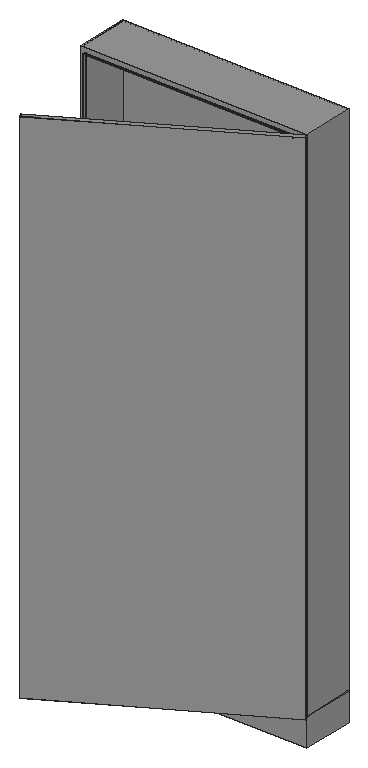
Revit family "Hager-Univers-IP54-D205-H1950-Cl.II-Encl-NoHosted-NL-en", category Equipement électrique, Revit 2020
Family settings
  Configuration du panneau = Deux colonnes, circuits au sein
  Cote de connecteur circulaire = Utiliser le diamètre
  Type d'élément = Tableau de raccordement
  Basée sur le plan de construction = Oui
  Toujours verticalement = Oui
  Couper avec des vides une fois chargée = Non
  Partagée = Non
  Point de calcul de pièce = Non
Parameters (values of type "Floor installation IP54 W800 H1950 D205  - FP23SW")
  Width Control [instance] = if([EF000008 - Width] > Min Width, [EF000008 - Width], Min Width)  # 800 mm
  Commentaires du type = [HG000003 - Range]  # "Univers"
  Thickness Door [instance] = if([EF009171 - Material plate thickness door/cover] > 3 mm, 3 mm, [EF009171 - Material plate thickness door/cover])  # 1 mm
  Seal Frame Offset [instance] = 17 mm  # constant formula
  Plinth Visibility [instance] = [HG000027 - Plinth height] > 0 mm  # yes
  Min Width [instance] = 100 mm  # constant formula
  Min Depth [instance] = (2 * [EF009170 - Material plate thickness cabinet]) + 1 mm  # 3 mm
  Min Height [instance] = 100 mm  # constant formula
  Internal Frame Depth [instance] = (Door System Depth * 0.5)  # 9 mm
  Panel Name [instance] = ""  # (empty or 0)
  Model = ""
  HG000027 - Plinth height = 100 mm
  HG000026 - Floor standing = yes
  HG000024 - Bottom section height = 600 mm
  HG000023 - Double section enclosure = no
  HG000016 - Door 3d visibility [instance] = yes
  HG000015 - Clearance visibility [instance] = no
  HG000014 - Door on the right [instance] = yes
  HG000013 - Door on the left [instance] = not([HG000014 - Door on the right])  # no
  HG000012 - Door swing angle [instance] = 30.00°
  HG000010 - Asymmetric doors = no
  HG000009 - Double swing door = no
  HG000006 - Flush mounted = no
  HG000004 - Manufacturer reference = "FP23SW"
  HG000003 - Range = "Univers"
  HG000002 - With door or cover = yes
  Frame Offset Bottom [instance] = 10 mm  # constant formula
  Frame Offset [instance] = 15 mm  # constant formula
  EF015940 - Cover with overpressure release = no
  EF011959 - Degree of protection (NEMA) = ""
  EF009554 - Number of openings for flange plates = 6
  EF009212 - Cover model = "EV000116 - Closed"
  EF009171 - Material plate thickness door/cover = 1 mm
  EF009170 - Material plate thickness cabinet = 1 mm
  EF008873 - Nominal current (In) = 400 A
  EF007800 - Suitable for lightning protection = no
  EF006306 - With lock = no
  EF006244 - Transparent cover/door = no
  EF005474 - Degree of protection (IP) = "EV006419 - IP54"
  EF004464 - Type of door = "EV002646 - Single"
  EF004427 - Number of modules = 432
  EF004293 - Impact strength = "EV006815 - IK09"
  EF003532 - Suitable for outdoor use = no
  EF002950 - Width in number of modular spacings = 36
  EF001613 - Circuit integrity = "EV000494 - None"
  EF001596 - Material housing = "EV000179 - Steel"
  EF001131 - Internal depth = 143 mm
  EF001088 - Extension possible = yes
  EF000437 - Number of conduit inlets = 6
  EF000339 - Type of cover = "EV001012 - Cover"
  EF000266 - Number of rows = 12
  EF000218 - Built-in depth = 0 mm
  EF000118 - With mounting plate = no
  EF000116 - RAL-number = "9010"
  EF000049 - Depth = 205 mm
  EF000040 - Height = 1950 mm
  EF000008 - Width = 800 mm
  EF000007 - Colour = "EV000202 - White"
  EF000003 - Mounting method = "EV012274 - Floor installation"
  Door System Leaf Tolerance [instance] = 1.5 mm  # constant formula
  Door System Depth [instance] = 18 mm  # constant formula
  Door Height [instance] = Height Control - [HG000027 - Plinth height]  # 1850 mm
  Description = ""
  Default Elevation = 1219.2 mm
  Connector Offset [instance] = Height Control / 2  # 975 mm
  Fabricant = "Hager"  # constant formula
  Height Control [instance] = if([EF000040 - Height] > Min Height, [EF000040 - Height], Min Height)  # 1950 mm
  Depth Control [instance] = if([EF000049 - Depth] > Min Depth, [EF000049 - Depth], Min Depth)  # 205 mm
  Bottom Top Plate Trim [instance] = 1.5 mm  # constant formula
  Plinth height Ctrl [instance] = if([HG000027 - Plinth height] > 0 mm, [HG000027 - Plinth height], 12 mm)  # 100 mm
Types (3, lengths in mm): name | Width Control | HG000009 - Double swing door | HG000004 - Manufacturer reference | EF009554 - Number of openings for flange plates | EF004464 - Type of door | EF004427 - Number of modules | EF002950 - Width in number of modular spacings | EF000437 - Number of conduit inlets | EF000008 - Width
  Floor installation IP54 W1050 H1950 D205  - FP24SW | 1050 | yes | "FP24SW" | 8 | "EV003602 - Double" | 576 | 48 | 8 | 1050
  Floor installation IP54 W1300 H1950 D205  - FP25SW | 1300 | yes | "FP25SW" | 10 | "EV003602 - Double" | 720 | 60 | 10 | 1300
  Floor installation IP54 W800 H1950 D205  - FP23SW | 800 | no | "FP23SW" | 6 | "EV002646 - Single" | 432 | 36 | 6 | 800
Reference planes
  plane 1 "Center (Front/Back)": y = 0
  plane 2: z = 0
  plane 3 "Center (Left/Right)": x = 0
  plane 4: y = 0
  plane 5: y = 0
  plane 6: z = 0
  plane 7: x = -400
  plane 8: x = 400
  plane 9: x = 399
  plane 10: x = -399
  plane 11: z = 100
  plane 12: z = 101
  plane 13: y = -205
  plane 14: y = -1
  plane 15: x = 0
  plane 16: y = -187
  plane 17: y = -204
  plane 18: y = -186
  plane 19: x = -384
  plane 20: x = 384
  plane 21: z = 111
  plane 22: x = -383
  plane 23: x = 383
  plane 24: z = 100
  plane 25: z = 1950
  plane 26: z = 1950
  plane 27: z = 1934
  plane 28: z = 1949
Forms (mm)
  Extrusion 1, solid, material "Hager_Steel_RAL7035_Light_Grey", detail levels medium+fine
    sketch origin (-208.679, -4572, 100) x (-1, 0, 0) y (0, -1, 0)
      loop
        line (191.321, -4385) -> (-608.679, -4385) -> (-608.679, -4572) -> (191.321, -4572) -> (191.321, -4385)
    from 0 to 1850
  Extrusion 2, void
    sketch origin (-350.771, -205, 1219.2) x (1, 0, 0) y (0, 0, 1)
      loop
        line (-48.229, 729.8) -> (-48.229, -1118.2) -> (749.771, -1118.2) -> (749.771, 729.8) -> (-48.229, 729.8)
    from -19 to -204
  Extrusion 3, void
    sketch origin (-290.084, -187, 1219.2) x (1, 0, 0) y (0, 0, 1)
      loop
        line (-93.916, -1108.2) -> (674.084, -1108.2) -> (674.084, 714.8) -> (-93.916, 714.8) -> (-93.916, -1108.2)
    from 0 to -1
  Extrusion 4, solid, material "Hager_Steel_RAL7035_Light_Grey", visible <- "Plinth Visibility", detail levels medium+fine
    sketch origin (0, 0, 0) x (1, 0, 0) y (0, 1, 0)
      loop
        line (-400, 0) -> (-400, -187) -> (400, -187) -> (400, 0) -> (-400, 0)
    from 0 to 100 <- "Plinth height Ctrl"
  Extrusion 5, solid, material "Hager_Steel_RAL7035_Light_Grey", detail levels coarse
    sketch origin (0, 0, 0) x (1, 0, 0) y (0, 1, 0)
      loop
        line (-400, 0) -> (-400, -205) -> (400, -205) -> (400, 0) -> (-400, 0)
    from 0 to 1950 <- "Height Control"
  Sweep 6, void
    path in 3D
      loop
        line (-400, -187, 100) -> (400, -187, 100) -> (400, 0, 100) -> (-400, 0, 100) -> (-400, -187, 100)
    profile origin (-400, -93.5, 100) x (1, 0, 0) y (0, 0, 1)
      loop
        line (0, 0) -> (0, -1.5) -> (1.5, -1.5)
        arc (1.5, -1.5) -> (1.061, -0.439) -> (0, 0) r 1.5
  Extrusion 7, solid, material "Hager_Steel_RAL7035_Light_Grey", detail levels fine
    sketch origin (-400, -187, 100) x (1, 0, 0) y (0, 0, 1)
      loop
        line (16, 11) -> (784, 11) -> (784, 1834) -> (16, 1834) -> (16, 11)
      loop
        line (15, 10) -> (785, 10) -> (785, 1835) -> (15, 1835) -> (15, 10)
    from 0 to 9 <- "Internal Frame Depth"
Cuts and joins
  Extrusion 2, Extrusion 3 cuts Extrusion 1
  Sweep 6 cuts Extrusion 4
Lines and regions (mm)
  Masking region 1
    outline origin (0, 0, 0) x (1, 0, 0) y (0, 1, 0)
      loop
        line (-400, 0) -> (-400, -205) -> (400, -205) -> (400, 0) -> (-400, 0)
  Masking region 2, detail levels coarse
    outline origin (-290.084, -187, 1219.2) x (-1, 0, 0) y (0, 0, 1)
      loop
        line (-690.084, -1219.2) -> (109.916, -1219.2) -> (109.916, 730.8) -> (-690.084, 730.8) -> (-690.084, -1219.2)
  Masking region 3, detail levels coarse
    outline origin (0, 0, 0) x (0, 1, 0) y (0, 0, 1)
      loop
        line (0, 0) -> (0, 1950) -> (-205, 1950) -> (-205, 0) -> (0, 0)
  Masking region 4, visible <- "Plinth Visibility", detail levels medium+fine
    outline origin (0, 0, 0) x (0, 1, 0) y (0, 0, 1)
      loop
        line (-1.5, 100) -> (-185.5, 100)
        arc (-185.5, 100) -> (-185.939, 98.939) -> (-187, 98.5) r 1.5
        line (-187, 98.5) -> (-187, 0) -> (0, 0) -> (0, 98.5)
        arc (0, 98.5) -> (-1.061, 98.939) -> (-1.5, 100) r 1.5
  Masking region 5, detail levels medium+fine
    outline origin (0, 0, 594.038) x (0, 1, 0) y (0, 0, 1)
      loop
        line (0, -494.038) -> (0, 1355.962) -> (-187, 1355.962) -> (-187, -494.038) -> (0, -494.038)
  Masking region 6, detail levels medium+fine
    outline origin (-359.7, -187, 1211.883) x (-1, 0, 0) y (0, 0, 1)
      loop
        line (-759.7, -1111.883) -> (40.3, -1111.883) -> (40.3, 738.117) -> (-759.7, 738.117) -> (-759.7, -1111.883)
  Masking region 7, visible <- "Plinth Visibility", detail levels medium+fine
    outline origin (-320.334, -187, 1041.368) x (-1, 0, 0) y (0, 0, 1)
      loop
        line (-720.334, -1041.368) -> (79.666, -1041.368) -> (79.666, -942.868)
        arc (79.666, -942.868) -> (78.606, -942.429) -> (78.166, -941.368) r 1.5
        line (78.166, -941.368) -> (-718.834, -941.368)
        arc (-718.834, -941.368) -> (-719.273, -942.429) -> (-720.334, -942.868) r 1.5
        line (-720.334, -942.868) -> (-720.334, -1041.368)
  sketch lines
    curve 1: line (-400, 0, 100) -> (-400, -187, 100)
    curve 2: line (-400, -187, 100) -> (400, -187, 100)
    curve 3: line (400, 0, 100) -> (-400, 0, 100)
    curve 4: line (400, -187, 100) -> (400, 0, 100)
Dimensions and locks
  locked: plane 1 "Center (Front/Back)" to plane 5
  "EF009170 - Material plate thickness cabinet": plane 7 to plane 10
  "EF009170 - Material plate thickness cabinet": plane 8 to plane 9
  equal spacing: plane 7, plane 3 "Center (Left/Right)", plane 8
  "Width Control": plane 7 to plane 8
  "Depth Control": plane 4 to plane 13
  "EF009170 - Material plate thickness cabinet": plane 4 to plane 14
  "Height Control": plane 25 to level
  "HG000027 - Plinth height": plane 11 to level
  "EF009170 - Material plate thickness cabinet": plane 12 to plane 11
  "EF009170 - Material plate thickness cabinet": plane 17 to plane 13
  "EF009170 - Material plate thickness cabinet": plane 18 to plane 16
  "Frame Offset Bottom": plane 21 to plane 12
  "Frame Offset": plane 10 to plane 19
  "Frame Offset": plane 9 to plane 20
  "Door System Depth": plane 16 to plane 13
  "Seal Frame Offset": plane 7 to plane 22
  "Seal Frame Offset": plane 8 to plane 23
  "EF009170 - Material plate thickness cabinet": plane 26 to plane 28
  "Frame Offset": plane 28 to plane 27
  "Connector Offset": plane 2 to connector elem
  "Bottom Top Plate Trim": profile plane to Sweep 6 sketch curve
  "Bottom Top Plate Trim": Sweep 6 sketch curve to Sweep 6 sketch curve
  "Plinth height Ctrl": Masking region 4 sketch curve to level
  "Plinth height Ctrl": Masking region 7 sketch curve to level
  "Thickness Door": Extrusion 7 sketch curve to Extrusion 7 sketch curve  (x4)
  "Bottom Top Plate Trim": radius of Sweep 6 sketch curve
  "Bottom Top Plate Trim": radius of Masking region 4 sketch curve  (x2)
  "Bottom Top Plate Trim": radius of Masking region 7 sketch curve  (x2)
  aligned and locked: Extrusion 2 sketch curve to plane 12
  aligned and locked: Extrusion 2 sketch curve to plane 9
  aligned and locked: Extrusion 2 sketch curve to plane 10
  aligned and locked: Extrusion 2 to plane 14
  aligned and locked: Extrusion 1 sketch curve to plane 4
  aligned and locked: plane 8 to Extrusion 1 sketch curve
  aligned and locked: plane 7 to Extrusion 1 sketch curve
  aligned and locked: Extrusion 2 to plane 18
  aligned and locked: Extrusion 3 sketch curve to plane 19
  aligned and locked: plane 20 to Extrusion 3 sketch curve
  aligned and locked: Extrusion 3 to Extrusion 2
  aligned and locked: Extrusion 3 sketch curve to plane 21
  aligned and locked: plane 3 "Center (Left/Right)" to nested 1
  aligned and locked: Extrusion 1 sketch curve to plane 16
  aligned and locked: Extrusion 4 sketch curve to cut or joined group of Extrusion 1, Extrusion 2, Extrusion 3
  aligned and locked: Masking region 1 sketch curve to plane 7
  aligned and locked: Masking region 1 sketch curve to plane 5
  aligned and locked: Masking region 1 sketch curve to plane 8
  aligned and locked: Masking region 2 sketch curve to level
  aligned and locked: level to Masking region 3 sketch curve
  aligned and locked: plane 1 "Center (Front/Back)" to Masking region 3 sketch curve
  aligned and locked: plane 13 to Masking region 3 sketch curve
  aligned and locked: plane 5 to Masking region 4 sketch curve
  aligned and locked: Masking region 2 sketch curve to plane 8
  aligned and locked: Masking region 2 sketch curve to plane 7
  aligned and locked: plane 7 to nested 2
  aligned and locked: nested 2 to plane 5
  aligned and locked: plane 5 to Masking region 5 sketch curve
  aligned and locked: plane 26 to Masking region 5 sketch curve
  aligned and locked: Extrusion 5 sketch curve to plane 8
  aligned and locked: Extrusion 5 sketch curve to plane 7
  aligned and locked: Extrusion 5 sketch curve to plane 5
  aligned and locked: Extrusion 3 sketch curve to plane 27
  aligned and locked: Extrusion 2 sketch curve to plane 28
  aligned and locked: Masking region 2 to plane 25
  aligned and locked: Extrusion 4 to plane 16
  aligned and locked: profile plane to Sweep 6 sketch curve
  aligned and locked: Masking region 5 sketch curve to plane 24
  aligned and locked: level to Masking region 4 sketch curve
  aligned and locked: Masking region 1 to plane 13
  aligned and locked: nested 1 to plane 16
  aligned and locked: Masking region 3 to plane 25
  aligned and locked: plane 16 to Masking region 4 sketch curve
  aligned and locked: Masking region 5 sketch curve to plane 16
  aligned and locked: plane 24 to plane 11
  aligned and locked: plane 26 to plane 25
  aligned and locked: plane 26 to cut or joined group of Extrusion 1, Extrusion 2, Extrusion 3
  aligned and locked: nested 1 to plane 24
  aligned and locked: Extrusion 1 to Extrusion 3
  aligned and locked: Masking region 6 sketch curve to plane 8
  aligned and locked: Masking region 6 sketch curve to plane 24
  aligned and locked: Masking region 6 sketch curve to plane 7
  aligned and locked: Masking region 6 sketch curve to plane 26
  aligned and locked: Masking region 7 sketch curve to plane 7
  aligned and locked: level to Masking region 7 sketch curve
  aligned and locked: Masking region 7 sketch curve to plane 8
  aligned and locked: Extrusion 7 sketch curve to cut or joined group of Extrusion 1, Extrusion 2, Extrusion 3  (x4)
Automatic sketch dimensions
  plane 19 to Extrusion 3 sketch curve = 0 mm
  Extrusion 3 sketch curve to plane 20 = 0 mm
  Extrusion 3 sketch curve to plane 21 = 0 mm
  Extrusion 4 sketch curve to plane 7 = 0 mm
  Extrusion 4 sketch curve to plane 8 = 0 mm
  Extrusion 4 sketch curve to plane 16 = 0 mm
  Masking region 1 sketch curve to plane 13 = 0 mm
  Masking region 2 sketch curve to plane 25 = 0 mm
  Masking region 3 sketch curve to plane 25 = 0 mm
  Extrusion 5 sketch curve to plane 13 = 0 mm
  profile plane to Sweep 6 sketch curve = 0 mm
Nested families
  nested 1: "EC000058_Univers_Door" at (0, -187, 100), Double <- "HG000009 - Double swing door", Transparent <- "EF006244 - Transparent cover/door", Angle <- "HG000012 - Door swing angle", Door_Right <- "HG000014 - Door on the right", Assymetrical <- "HG000010 - Asymmetric doors", Door <- "HG000002 - With door or cover", Width_Ctrl <- "Width Control", 3d_Door <- "HG000016 - Door 3d visibility", Clearance <- "HG000015 - Clearance visibility", Door_Left <- "HG000013 - Door on the left", Width <- "Width Control", Door_Depth <- "Door System Depth", Leaf_Tolerance <- "Door System Leaf Tolerance", Height <- "Door Height", Lock_Visibility <- "EF006306 - With lock", Thickness <- "Thickness Door", type "EC000058_Univers_Door", detail levels medium+fine
    with min_wh 3 mm, Width_Ctrl 800 mm, Width 800 mm, Transparent no, Thickness 1 mm, Seal_Material Hager_Rubber, Lock_Visibility no, Lock_Material Hager_Plastic_RAL9005_Jet_Black, Leaf_Width 800 mm, Leaf_Tolerance_External_Sides 0 mm, Leaf_Tolerance 1.5 mm, Leaf_Offset 0 mm, Leaf_Height 1847 mm, Leaf_2_Width 800 mm, Leaf_2_Offset 400 mm, Leaf_1_Width 800 mm, Leaf_1_Offset 400 mm, Height_Ctrl 1850 mm, Height 1850 mm, Glass_Material Hager_Glass, Double_Clearance_Ctrl no, Double no, Door_Right_Ctrl yes, Door_Right yes, Door_Material Hager_Steel_RAL7035_Light_Grey, Door_Left_Ctrl no, Door_Left no, Door_Depth 18 mm, Door yes, Clearance_Material Hager_Clearance, Clearance_Depth 800 mm, Clearance_Ctrl no, Clearance no, Assymetrical no, Angle 30.00°, 3d_Door yes
  nested 2: "Hager_Enclosure_Symbol" at (-400, 0, 0), Height <- "Depth Control", Width <- "Width Control", type "Hager_Enclosure_Symbol"
    with Width_Ctrl 800 mm, Width 800 mm, Height_Ctrl 205 mm, Height 205 mm, A_Width_Int 13.453 mm, A_Width 161.438 mm, A_Height_Ctrl 179.375 mm, A_Height 179.375 mm
Connectors
  electrical at (0, 0, 975)
    settings: on plane 1 "Center (Front/Back)", index 1, voltage 0 V, apparent load 0 VA, apparent load phase1 0 VA, apparent load phase2 0 VA, apparent load phase3 0 VA, power factor 1, load classification "Other", number of poles 1, system type 30, power factor state 1, is connector primary yes, connector utility no, sub classification motor no, connector description ""
Definition of nested family "EC000058_Univers_Door"
  Parameters (values of type "EC000058_Univers_Door")
    min_wh [instance] = (2 * Thickness) + 1 mm  # 11 mm
    Width_Ctrl [instance] = 400 mm
    Width [instance] = 500 mm
    Transparent [instance] = yes
    Thickness [instance] = 5 mm
    Seal_Material [instance] = none
    Lock_Visibility [instance] = yes
    Lock_Material [instance] = none
    Leaf_Width [instance] = if((Width_Ctrl - 2 * Leaf_Tolerance_External_Sides) > 0 mm, (Width_Ctrl - 2 * Leaf_Tolerance_External_Sides), min_wh)  # 400 mm
    Leaf_Tolerance_External_Sides [instance] = 0 mm  # constant formula
    Leaf_Tolerance [instance] = 1.5 mm
    Leaf_Offset [instance] = 0 mm  # constant formula
    Leaf_Height [instance] = if((Height_Ctrl - 2 * Leaf_Tolerance) > 0 mm, (Height_Ctrl - 2 * Leaf_Tolerance), min_wh)  # 497 mm
    Leaf_2_Width [instance] = if(and(and(Double, Assymetrical), Door_Left), (Leaf_Width / 3) - (Leaf_Tolerance / 2), if(and(and(Double, Assymetrical), Door_Right), (Leaf_Width / 3) * 2 - (Leaf_Tolerance / 2), if(and(Double, not(Assymetrical)), (Leaf_Width / 2) - Leaf_Tolerance, Leaf_Width)))  # 400 mm
    Leaf_2_Offset [instance] = if(and(Double, Assymetrical), Leaf_2_Width / 2, if(and(Double, not(Assymetrical)), Leaf_Width / 4, Leaf_Width / 2))  # 200 mm
    Leaf_1_Width [instance] = if(and(and(Double, Assymetrical), Door_Right), (Leaf_Width / 3) - (Leaf_Tolerance / 2), if(and(and(Double, Assymetrical), Door_Left), (Width / 3) * 2 - (Leaf_Tolerance / 2), if(and(Double, not(Assymetrical)), (Leaf_Width / 2) - Leaf_Tolerance, Leaf_Width)))  # 400 mm
    Leaf_1_Offset [instance] = if(and(Double, Assymetrical), Leaf_1_Width / 2, if(and(Double, not(Assymetrical)), Leaf_Width / 4, Leaf_Width / 2))  # 200 mm
    Height_Ctrl [instance] = if(Height > min_wh, Height, min_wh)  # 500 mm
    Height [instance] = 500 mm
    Glass_Material [instance] = none
    Double_Clearance_Ctrl [instance] = and(Double, Clearance)  # no
    Double [instance] = no
    Door_Right_Ctrl [instance] = and(or(Door_Right, Double), Door)  # yes
    Door_Right [instance] = yes
    Door_Material [instance] = none
    Door_Left_Ctrl [instance] = and(or(Door_Left, Double), Door)  # no
    Door_Left [instance] = no
    Door_Depth [instance] = 30 mm
    Door [instance] = yes
    Default Elevation = 1219.2 mm
    Clearance_Material [instance] = none
    Clearance_Depth [instance] = if(Leaf_1_Width > Leaf_2_Width, Leaf_1_Width, Leaf_2_Width)  # 400 mm
    Clearance_Ctrl [instance] = and(not(Double), Clearance)  # yes
    Clearance [instance] = yes
    Assymetrical [instance] = yes
    Angle [instance] = 30.00°
    3d_Door [instance] = yes
  Reference planes
    plane 1 "Center (Front/Back)": y = 0
    plane 2 "Bottom": z = 0
    plane 3 "Center (Left/Right)": x = 0
    plane 4: z = 500
    plane 5: x = -200
    plane 6: x = 200
    plane 7: z = 500
    plane 8: x = -200
    plane 9: z = 0
    plane 10: x = 200
    plane 11: y = 0
    plane 12: z = 1.5
    plane 13: x = -600
    plane 14: y = -400
    plane 15: x = 600
    plane 16: x = 0
    plane 17: x = 0
    plane 18: x = -200
    plane 19: x = 200
    plane 20: z = 498.5
  Forms (mm)
    Extrusion 1, solid, material <- "Clearance_Material", visible <- "Double_Clearance_Ctrl"
      sketch origin (1200, 0, 0) x (1, 0, 0) y (0, 0, -1)
        loop
          line (-1800, -498.5) -> (-600, -498.5) -> (-600, 0) -> (-1800, 0) -> (-1800, -498.5)
      from 0 to -400
  Dimensions and locks
    equal spacing: plane 5, plane 3 "Center (Left/Right)", plane 6
    "Width_Ctrl": plane 5 to plane 6
    "Leaf_Offset": plane 5 to plane 8
    "Leaf_Offset": plane 6 to plane 10
    "Leaf_Offset": plane 9 to level
    "Leaf_Offset": plane 4 to plane 7
    "Height_Ctrl": plane 4 to level
    "Leaf_Tolerance": plane 12 to plane 9
    locked: plane 11 to plane 1 "Center (Front/Back)"
    "Leaf_1_Offset": plane 18 to plane 16
    "Leaf_2_Offset": plane 17 to plane 19
    "Leaf_1_Width": plane 13 to plane 8
    "Leaf_2_Width": plane 10 to plane 15
    "Clearance_Depth": plane 14 to plane 1 "Center (Front/Back)"
    "Leaf_Tolerance_External_Sides": plane 8 to plane 18
    "Leaf_Tolerance_External_Sides": plane 19 to plane 10
    "Leaf_Tolerance": plane 7 to plane 20
    aligned and locked: level to plane 2 "Bottom"
    aligned and locked: nested 1 to plane 16
    aligned and locked: nested 2 to plane 17
    aligned and locked: Extrusion 1 to plane 13
    aligned and locked: plane 15 to Extrusion 1
    aligned and locked: Extrusion 1 to plane 14
    aligned and locked: plane 12 to nested 1
    aligned and locked: nested 2 to plane 12
    aligned and locked: Extrusion 1 to plane 11
    aligned and locked: plane 20 to Extrusion 1
    aligned and locked: nested 2 to plane 11
    aligned and locked: nested 1 to plane 11
  Automatic sketch dimensions
    Extrusion 1 sketch curve to level = 0 mm
    plane 5 to Extrusion 1 sketch curve = 400 mm
    plane 6 to Extrusion 1 sketch curve = 400 mm
    Extrusion 1 sketch curve to plane 4 = 1.5 mm
  Nested families
    nested 1: "EC000058_Univers_Door_Leaf" at (0, 0, 1.5), Width <- "Leaf_1_Width", visible <- "Door_Left_Ctrl", Leaf_Height <- "Leaf_Height", Angle <- "Angle", 3d_Door <- "3d_Door", Transparent <- "Transparent", Clearance Material <- "Clearance_Material", Clearance <- "Clearance_Ctrl", Door_Material <- "Door_Material", Glass_Material <- "Glass_Material", Door_Depth <- "Door_Depth", Lock_Material <- "Lock_Material", Seal_Material <- "Seal_Material", Lock_Visibility <- "Lock_Visibility", Thickness <- "Thickness", type "EC000058_Univers_Door_Leaf"
      with Width 400 mm, Transparent_Glass_Offset 30 mm, Transparent_Ctrl yes, Transparent yes, Thickness 5 mm, Standard no, Seal_Material none, Seal_D2 8 mm, Seal_D1 1 mm, Offset_Internal_Frame 10 mm, Lock_Width 20 mm, Lock_Visibility_3d yes, Lock_Visibility yes, Lock_Thickness_3 3 mm, Lock_Thickness_2 1 mm, Lock_Thickness_1 3 mm, Lock_Radius_Offset_2 16 mm, Lock_Radius_Offset_1 15 mm, Lock_Radius_2 5 mm, Lock_Radius 6 mm, Lock_Offset 5 mm, Lock_Material none, Lock_Height 80 mm, Lock_Cover_Top_Offset_2d 17 mm, Lock_Cover_Height -65 mm, Leaf_Height 497 mm, Internal_Seal_Thickness 8 mm, Internal_Seal_Depth_2 4.5 mm, Internal_Frame_Depth 25 mm, Glass_Thickness -1 mm, Glass_Offset -2 mm, Glass_Material none, Door_Material none, Door_Depth 30 mm, Clearance Material none, Clearance yes, Angle_Ctrl 30.00°, Angle 30.00°, 3d_Door yes
    nested 2: "EC000058_Univers_Door_Leaf" at (0, 0, 1.5) x (-1, 0, 0) z (0, 0, 1), Width <- "Leaf_2_Width", visible <- "Door_Right_Ctrl", Leaf_Height <- "Leaf_Height", Angle <- "Angle", 3d_Door <- "3d_Door", Transparent <- "Transparent", Clearance Material <- "Clearance_Material", Clearance <- "Clearance_Ctrl", Door_Material <- "Door_Material", Glass_Material <- "Glass_Material", Door_Depth <- "Door_Depth", Lock_Material <- "Lock_Material", Seal_Material <- "Seal_Material", Lock_Visibility <- "Lock_Visibility", Thickness <- "Thickness", type "EC000058_Univers_Door_Leaf"
      with Width 400 mm, Transparent_Glass_Offset 30 mm, Transparent_Ctrl yes, Transparent yes, Thickness 5 mm, Standard no, Seal_Material none, Seal_D2 8 mm, Seal_D1 1 mm, Offset_Internal_Frame 10 mm, Lock_Width 20 mm, Lock_Visibility_3d yes, Lock_Visibility yes, Lock_Thickness_3 3 mm, Lock_Thickness_2 1 mm, Lock_Thickness_1 3 mm, Lock_Radius_Offset_2 16 mm, Lock_Radius_Offset_1 15 mm, Lock_Radius_2 5 mm, Lock_Radius 6 mm, Lock_Offset 5 mm, Lock_Material none, Lock_Height 80 mm, Lock_Cover_Top_Offset_2d 17 mm, Lock_Cover_Height -65 mm, Leaf_Height 497 mm, Internal_Seal_Thickness 8 mm, Internal_Seal_Depth_2 4.5 mm, Internal_Frame_Depth 25 mm, Glass_Thickness -1 mm, Glass_Offset -2 mm, Glass_Material none, Door_Material none, Door_Depth 30 mm, Clearance Material none, Clearance yes, Angle_Ctrl 30.00°, Angle 30.00°, 3d_Door yes
  Definition of nested family "EC000058_Univers_Door_Leaf"
    Parameters (values of type "EC000058_Univers_Door_Leaf")
      Width [instance] = 2000 mm
      Transparent_Glass_Offset [instance] = 30 mm
      Transparent_Ctrl [instance] = and(Transparent, [3d_Door])  # yes
      Transparent [instance] = yes
      Thickness [instance] = 5 mm
      Standard [instance] = and(not(Transparent), [3d_Door])  # no
      Seal_Material [instance] = none
      Seal_D2 [instance] = 8 mm  # constant formula
      Seal_D1 [instance] = 1 mm  # constant formula
      Offset_Internal_Frame [instance] = 10 mm  # constant formula
      Lock_Width [instance] = 20 mm  # constant formula
      Lock_Visibility_3d [instance] = and(Lock_Visibility, [3d_Door])  # yes
      Lock_Visibility [instance] = yes
      Lock_Thickness_3 [instance] = 3 mm  # constant formula
      Lock_Thickness_2 [instance] = 1 mm  # constant formula
      Lock_Thickness_1 [instance] = 3 mm  # constant formula
      Lock_Radius_Offset_2 [instance] = Lock_Radius_Offset_1 + 1 mm  # 16 mm
      Lock_Radius_Offset_1 [instance] = 15 mm  # constant formula
      Lock_Radius_2 [instance] = Lock_Radius - 1 mm  # 5 mm
      Lock_Radius [instance] = 6 mm  # constant formula
      Lock_Offset [instance] = 5 mm  # constant formula
      Lock_Material [instance] = none
      Lock_Height [instance] = 80 mm  # constant formula
      Lock_Cover_Top_Offset_2d [instance] = Lock_Radius_Offset_2 + 1 mm  # 17 mm
      Lock_Cover_Height [instance] = -(Lock_Height - Lock_Radius_Offset_1)  # -65 mm
      Leaf_Height [instance] = 2720.336 mm
      Internal_Seal_Thickness [instance] = 8 mm  # constant formula
      Internal_Seal_Depth_2 [instance] = 4.5 mm  # constant formula
      Internal_Frame_Depth [instance] = if(Door_Depth - Thickness > 5 mm, Door_Depth - Thickness, 5 mm)  # 25 mm
      Glass_Thickness [instance] = if(Thickness > 15 mm, Glass_Offset + 10 mm, -1 mm)  # -1 mm
      Glass_Offset [instance] = if(Thickness > 15 mm, -(Thickness + 10 mm) / 2, -2 mm)  # -2 mm
      Glass_Material [instance] = none
      Door_Material [instance] = none
      Door_Depth [instance] = 30 mm
      Default Elevation = 0 mm
      Clearance Material [instance] = none
      Clearance [instance] = yes
      Angle_Ctrl [instance] = if(Angle > 180.00°, 180.00°, Angle)  # 90.00°
      Angle [instance] = 90.00°
      3d_Door [instance] = yes
    Reference planes
      plane 1 "Center (Front/Back)": y = 0
      plane 2: z = 0
      plane 3 "Center (Left/Right)": x = 0
      plane 4: y = 2000
      plane 5: x = -1000
      plane 6: x = 1000
      plane 7: x = -3000
      plane 8: z = 2720.336
      plane 9: z = 30
      plane 10: z = 2690.336
      plane 11: x = 970
      plane 12: x = -970
      plane 13: y = -3
      plane 14: z = 107.833
      plane 15: y = -5
      plane 16: y = -223.314
      plane 17: x = -1000
      plane 18: z = 1360.168
      plane 19: y = 30
    Forms (mm)
      Extrusion 1, solid, material <- "Clearance Material", visible <- "Clearance"
        sketch origin (0, 0, 0) x (1, 0, 0) y (0, 0, 1)
          loop
            line (-3000, 2720.336) -> (-3000, 0) -> (1000, 0) -> (1000, 2720.336) -> (-3000, 2720.336)
        from 0 to -2000
      Extrusion 2, solid, material <- "Door_Material", visible <- "Standard", detail levels medium+fine
        sketch origin (-1000, 0, 0) x (0, 1, 0) y (-1, 0, 0)
          loop
            line (0, 30) -> (0, 25) -> (2000, 25) -> (2000, 30) -> (0, 30)
        from 0 to 2720.336 <- "Leaf_Height"
      Extrusion 3, solid, material <- "Door_Material", visible <- "Transparent_Ctrl", detail levels medium+fine
        sketch origin (-1000, 0, 0) x (0, 1, 0) y (-1, 0, 0)
          loop
            line (0, 25) -> (2000, 25) -> (2000, 30) -> (0, 30) -> (0, 25)
        from 0 to 2720.336 <- "Leaf_Height"
      Extrusion 4, void
        sketch origin (-1025, 2000, 0) x (0, 1, 0) y (0, 0, -1)
          loop
            line (-30, -2690.336) -> (-30, -30) -> (-1970, -30) -> (-1970, -2690.336) -> (-30, -2690.336)
        from 0 to 5 <- "Thickness"
      Sweep 5, solid, material <- "Seal_Material", visible <- "Transparent_Ctrl", detail levels fine
        path in 3D
          loop
            line (-1025, 30, 30) -> (-1025, 30, 2690.336) -> (-1025, 1970, 2690.336) -> (-1025, 1970, 30) -> (-1025, 30, 30)
        profile origin (-1025, 1000, 30) x (1, 0, 0) y (0, 0, 1)
          loop
            line (0, 0) -> (0, -8) -> (1, -8) -> (1, 0) -> (0, 0)
      Extrusion 6, solid, material <- "Glass_Material", visible <- "Transparent_Ctrl", detail levels medium+fine
        sketch origin (-1030, 0, 0) x (0, 1, 0) y (0, 0, -1)
          loop
            line (1970, -2690.336) -> (1970, -30) -> (30, -30) -> (30, -2690.336) -> (1970, -2690.336)
        from -2 <- "Glass_Offset" to -1 <- "Glass_Thickness"
      Extrusion 7, solid, material <- "Door_Material", visible <- "3d_Door", detail levels medium+fine
        sketch origin (-1025, 2000, 0) x (0, -1, 0) y (0, 0, -1)
          loop
            line (0, -2720.336) -> (2000, -2720.336) -> (2000, 0) -> (0, 0) -> (0, -2720.336)
          loop
            line (1995, -5) -> (5, -5) -> (5, -2715.336) -> (1995, -2715.336) -> (1995, -5)
        from 0 to 25 <- "Internal_Frame_Depth"
      Sweep 8, solid, material <- "Seal_Material", visible <- "Transparent_Ctrl", detail levels fine
        path in 3D
          loop
            line (-1025, 0, 0) -> (-1025, 2000, 0) -> (-1025, 2000, 2720.336) -> (-1025, 0, 2720.336) -> (-1025, 0, 0)
        profile origin (-1025, 0, 1360.168) x (1, 0, 0) y (0, 1, 0)
          loop
            line (0, 10) -> (2.975, 10)
            arc (2.975, 10) -> (4.053, 10.447) -> (4.5, 11.525) r 1.525
            line (4.5, 11.525) -> (4.5, 16.527)
            arc (4.5, 16.527) -> (4.069, 17.569) -> (3.027, 18) r 1.473
            line (3.027, 18) -> (0, 18) -> (0, 10)
      Extrusion 9, solid, material <- "Lock_Material", visible <- "Lock_Visibility_3d", detail levels fine
        sketch origin (-1030, 0, 0) x (0, 1, 0) y (0, 0, -1)
          loop
            arc (1993.5, -1400.168) -> (1994.561, -1399.729) -> (1995, -1398.668) r 1.5
            line (1995, -1398.668) -> (1995, -1320.168) -> (1975, -1320.168) -> (1975, -1398.668)
            arc (1975, -1398.668) -> (1975.439, -1399.729) -> (1976.5, -1400.168) r 1.5
            line (1976.5, -1400.168) -> (1993.5, -1400.168)
        from 3 <- "Lock_Thickness_1" to 0
      Blend 10, solid, material <- "Lock_Material", visible <- "Lock_Visibility_3d", detail levels fine
        base sketch origin (-1033, 0, 0) x (0, 1, 0) y (0, 0, -1)
          loop
            line (1975, -1320.168) -> (1975, -1398.668)
            arc (1975, -1398.668) -> (1975.439, -1399.729) -> (1976.5, -1400.168) r 1.5
            line (1976.5, -1400.168) -> (1993.5, -1400.168)
            arc (1993.5, -1400.168) -> (1994.561, -1399.729) -> (1995, -1398.668) r 1.5
            line (1995, -1398.668) -> (1995, -1320.168) -> (1975, -1320.168)
        top sketch origin (-1033, 0, 0) x (0, 1, 0) y (0, 0, -1)
          loop
            line (1976, -1320.168) -> (1976, -1398.668)
            arc (1976, -1398.668) -> (1976.146, -1399.022) -> (1976.5, -1399.168) r 0.5
            line (1976.5, -1399.168) -> (1993.5, -1399.168)
            arc (1993.5, -1399.168) -> (1993.854, -1399.022) -> (1994, -1398.668) r 0.5
            line (1994, -1398.668) -> (1994, -1320.168) -> (1976, -1320.168)
        from 0 to 1 <- "Lock_Thickness_2"
      Blend 11, solid, material <- "Lock_Material", visible <- "Lock_Visibility_3d", detail levels fine
        base sketch origin (-1034, 0, 0) x (0, 1, 0) y (0, 0, -1)
          loop
            line (1978, -1320.168) -> (1978, -1384.168)
            arc (1978, -1384.168) -> (1985, -1391.168) -> (1992, -1384.168) r 7
            line (1992, -1384.168) -> (1992, -1320.168) -> (1978, -1320.168)
        top sketch origin (-1034, 0, 0) x (0, 1, 0) y (0, 0, -1)
          loop
            line (1991, -1320.168) -> (1979, -1320.168) -> (1979, -1383.168)
            arc (1979, -1383.168) -> (1985, -1389.168) -> (1991, -1383.168) r 6
            line (1991, -1383.168) -> (1991, -1320.168)
        from 0 to 3 <- "Lock_Thickness_3"
      Extrusion 12, solid, material <- "Lock_Material", visible <- "Lock_Visibility_3d", detail levels fine
        sketch origin (-1030, 1975, 1320.168) x (1, 0, 0) y (0, -1, 0)
          loop
            line (-7, -19) -> (-7, -1) -> (0, -1) -> (0, 0) -> (-8, 0) -> (-8, -20) -> (0, -20) -> (0, -19) -> (-7, -19)
        from 0 to -65 <- "Lock_Cover_Height"
      Extrusion 13, void
        sketch origin (-1038, 1995, 1320.168) x (-1, 0, 0) y (0, 0, -1)
          loop
            line (-5, -65) -> (0, -65) -> (-5, -60) -> (-5, -65)
        from 0 to 20 <- "Lock_Width"
      Extrusion 14, void
        sketch origin (-1038, 1975, 1320.168) x (0, -1, 0) y (0, 0, -1)
          loop
            circle (-10, -15.995) r 6
          loop
            circle (-10, -15.995) r 5
        from 0 to 2
      Extrusion 15, solid, material <- "Lock_Material", visible <- "Lock_Visibility_3d", detail levels medium
        sketch origin (-1030, 0, 0) x (0, 1, 0) y (0, 0, -1)
          loop
            arc (1993.5, -1400.168) -> (1994.561, -1399.729) -> (1995, -1398.668) r 1.5
            line (1995, -1398.668) -> (1995, -1320.168) -> (1975, -1320.168) -> (1975, -1398.668)
            arc (1975, -1398.668) -> (1975.439, -1399.729) -> (1976.5, -1400.168) r 1.5
            line (1976.5, -1400.168) -> (1993.5, -1400.168)
        from 8 to 0
    Cuts and joins
      Extrusion 4 cuts Extrusion 3
      Extrusion 13, Extrusion 14 cuts Extrusion 9
      Extrusion 14 cuts Blend 11
      Extrusion 13, Extrusion 14 cuts Extrusion 12
      joined: Extrusion 9, Blend 10, Blend 11, Extrusion 12
      Extrusion 14 cuts Extrusion 15
    Lines and regions (mm)
      Masking region 1, visible <- "Lock_Visibility", detail levels fine
        outline origin (0, 0, 0) x (0, 1, 0) y (0, 0, 1)
          loop
            line (30, 1320.168) -> (33, 1320.168) -> (33, 1400.168) -> (30, 1400.168) -> (30, 1320.168)
      Masking region 2, visible <- "Lock_Visibility", detail levels fine
        outline origin (0, 3.143, 0) x (0, 1, 0) y (0, 0, 1)
          loop
            line (29.857, 1354.168) -> (30.857, 1354.168) -> (30.857, 1366.168) -> (29.857, 1366.168) -> (29.857, 1354.168)
      Masking region 3, detail levels medium+fine
        outline origin (0, 0, 0) x (0, 1, 0) y (0, 0, 1)
          loop
            line (0, 0) -> (30, 0) -> (30, 2720.336) -> (0, 2720.336) -> (0, 0)
      Masking region 4, detail levels medium+fine
        outline origin (0, 0, 0) x (1, 0, 0) y (0, 0, 1)
          loop
            line (-1000, 2720.336) -> (-1000, 0) -> (1000, 0) -> (1000, 2720.336) -> (-1000, 2720.336)
      Masking region 5, visible <- "Lock_Visibility", detail levels fine
        outline origin (-47.116, 0, 0) x (1, 0, 0) y (0, 0, 1)
          loop
            arc (1024.616, 1399.168) -> (1023.556, 1398.729) -> (1023.116, 1397.668) r 1.5
            line (1023.116, 1397.668) -> (1023.116, 1320.168) -> (1041.116, 1320.168) -> (1041.116, 1397.668)
            arc (1041.116, 1397.668) -> (1040.677, 1398.729) -> (1039.616, 1399.168) r 1.5
            line (1039.616, 1399.168) -> (1024.616, 1399.168)
      Masking region 6, visible <- "Lock_Visibility", detail levels medium+fine
        outline origin (-25, 0, 0) x (1, 0, 0) y (0, 0, 1)
          loop
            arc (1001.5, 1400.168) -> (1000.439, 1399.729) -> (1000, 1398.668) r 1.5
            line (1000, 1398.668) -> (1000, 1320.168) -> (1020, 1320.168) -> (1020, 1398.668)
            arc (1020, 1398.668) -> (1019.561, 1399.729) -> (1018.5, 1400.168) r 1.5
            line (1018.5, 1400.168) -> (1001.5, 1400.168)
      Masking region 7, visible <- "Lock_Visibility", detail levels fine
        outline origin (-73.735, 0, 0) x (1, 0, 0) y (0, 0, 1)
          loop
            line (1051.735, 1382.168) -> (1065.735, 1382.168) -> (1065.735, 1384.168)
            arc (1065.735, 1384.168) -> (1058.735, 1391.168) -> (1051.735, 1384.168) r 7
            line (1051.735, 1384.168) -> (1051.735, 1382.168)
      Masking region 8, visible <- "Lock_Visibility", detail levels fine
        outline origin (-73.735, 0, 0) x (1, 0, 0) y (0, 0, 1)
          loop
            line (1052.735, 1382.168) -> (1064.735, 1382.168) -> (1064.735, 1383.168)
            arc (1064.735, 1383.168) -> (1058.735, 1389.168) -> (1052.735, 1383.168) r 6
            line (1052.735, 1383.168) -> (1052.735, 1382.168)
      Masking region 9, visible <- "Lock_Visibility", detail levels fine
        outline origin (-25, 0, 0) x (1, 0, 0) y (0, 0, 1)
          loop
            line (1020, 1320.168) -> (1020, 1382.168) -> (1000, 1382.168) -> (1000, 1320.168) -> (1020, 1320.168)
      Masking region 10, detail levels medium+fine
        outline origin (0, 0, 0) x (1, 0, 0) y (0, 0, 1)
          loop
            circle (985, 1335.144) r 6
      Masking region 11, detail levels fine
        outline origin (0, 0, 0) x (1, 0, 0) y (0, 0, 1)
          loop
            circle (985, 1335.144) r 5
      Masking region 12, visible <- "Lock_Visibility", detail levels fine
        outline origin (0, 12.767, 0) x (0, 1, 0) y (0, 0, 1)
          loop
            line (20.233, 1320.168) -> (21.233, 1320.168) -> (21.233, 1399.168) -> (20.233, 1400.168) -> (20.233, 1320.168)
      Masking region 13, visible <- "Lock_Visibility", detail levels fine
        outline origin (0, 13.767, -10) x (0, 1, 0) y (0, 0, 1)
          loop
            line (20.233, 1330.168) -> (23.233, 1330.168) -> (23.233, 1399.168) -> (20.233, 1402.168) -> (20.233, 1330.168)
      Masking region 14, visible <- "Lock_Visibility", detail levels fine
        outline origin (0, 12.767, -10) x (0, 1, 0) y (0, 0, 1)
          loop
            line (20.233, 1330.168) -> (25.233, 1330.168) -> (25.233, 1399.305) -> (20.233, 1394.305) -> (20.233, 1330.168)
      Masking region 15, visible <- "Lock_Visibility", detail levels medium
        outline origin (0, 0, 0) x (0, 1, 0) y (0, 0, 1)
          loop
            line (30, 1320.168) -> (38, 1320.168) -> (38, 1400.168) -> (30, 1400.168) -> (30, 1320.168)
      Masking region 16, visible <- "Lock_Visibility", detail levels fine
        outline origin (-1000, 0, 0) x (0, 1, 0) y (-1, 0, 0)
          loop
            line (1975, 30) -> (1995, 30) -> (1995, 38) -> (1975, 38) -> (1975, 30)
          loop
            line (1979, 37) -> (1976, 37) -> (1976, 34) -> (1978, 34) -> (1979, 37)
          loop
            line (1994, 37) -> (1991, 37) -> (1992, 34) -> (1994, 34) -> (1994, 37)
      Masking region 17, visible <- "Lock_Visibility", detail levels medium
        outline origin (-1000, 0, 0) x (0, 1, 0) y (-1, 0, 0)
          loop
            line (1975, 30) -> (1995, 30) -> (1995, 38) -> (1975, 38) -> (1975, 30)
      symbolic lines
        curve 1: line (1000, 0, 0) -> (-3000, 0, 0)
        curve 2: arc (1000, 0, 0) -> (-1000, 2000, 0) -> (-3000, 0, 0) r 2000
        curve 4: line (-1030, 0, 0) -> (-1030, 2000, 0)
      reference lines
        curve 3: line (-1000, 0, 0) -> (-1000, 2000, 0)
      symbolic lines, detail levels medium+fine
        curve 5: line (-1030, 2000, 0) -> (-1025, 2000, 0)
        curve 7: line (-1025, 0, 0) -> (-1030, 0, 0)
        curve 8: line (-1025, 0, 0) -> (-1000, 0, 0)
        curve 9: line (-1000, 0, 0) -> (-1000, 2000, 0)
        curve 10: line (-1000, 2000, 0) -> (-1025, 2000, 0)
      symbolic lines, detail levels fine
        curve 6: line (-1025, 2000, 0) -> (-1025, 0, 0)
      sketch lines
        curve 11: line (-1025, 0, 2720.336) -> (-1025, 0, 0)
        curve 12: line (-1025, 2000, 0) -> (-1025, 0, 0)
        curve 13: line (-1025, 2000, 2720.336) -> (-1025, 2000, 0)
        curve 14: line (-1025, 0, 2720.336) -> (-1025, 2000, 2720.336)
        curve 15: line (-1025, 1970, 30) -> (-1025, 30, 30)
        curve 16: line (-1025, 30, 30) -> (-1025, 30, 2690.336)
        curve 17: line (-1025, 1970, 2690.336) -> (-1025, 1970, 30)
        curve 18: line (-1025, 30, 2690.336) -> (-1025, 1970, 2690.336)
      symbolic lines, visible <- "Transparent", detail levels medium+fine
        curve 19: line (-970, 0, 2690.336) -> (970, 0, 2690.336)
        curve 20: line (-970, 0, 30) -> (-970, 0, 2690.336)
        curve 21: line (970, 0, 30) -> (-970, 0, 30)
        curve 22: line (970, 0, 2690.336) -> (970, 0, 30)
    Dimensions and locks
      "Width": plane 1 "Center (Front/Back)" to plane 4
      equal spacing: plane 5, plane 3 "Center (Left/Right)", plane 6
      "Width": plane 5 to plane 6
      "Width": plane 7 to plane 5
      "Leaf_Height": plane 8 to level
      "Width": curve 5 to curve 3
      "Width": curve 3 to curve 3
      plane 8 to plane 10 = 30 mm
      plane 9 to level = 30 mm
      plane 12 to plane 5 = 30 mm
      plane 6 to plane 11 = 30 mm
      Extrusion 1 to Extrusion 4 sketch curve = 30 mm
      "Transparent_Glass_Offset": curve 3 to Extrusion 4 sketch curve
      "Transparent_Glass_Offset": Extrusion 4 sketch curve to cut or joined group of Extrusion 3, Extrusion 4  (x2)
      cut or joined group of Extrusion 3, Extrusion 4 to Extrusion 6 sketch curve = 30 mm
      "Transparent_Glass_Offset": cut or joined group of Extrusion 3, Extrusion 4 to Extrusion 4 sketch curve
      "Thickness": curve 6 to curve 4
      "Thickness": Extrusion 7 sketch curve to Extrusion 7 sketch curve  (x4)
      "Door_Depth": curve 4 to curve 3
      "Offset_Internal_Frame": profile plane to Sweep 8 sketch curve
      "Internal_Seal_Thickness": Sweep 8 sketch curve to Sweep 8 sketch curve
      "Internal_Seal_Depth_2": profile plane to Sweep 8 sketch curve
      "Seal_D1": profile plane to Sweep 5 sketch curve
      "Seal_D2": profile plane to Sweep 5 sketch curve
      "Thickness": Extrusion 2 sketch curve to Extrusion 2 sketch curve
      equal spacing: Extrusion 9 sketch curve, plane 18, Extrusion 9 sketch curve  (x2)
      equal spacing: Masking region 1 sketch curve, plane 18, Masking region 1 sketch curve
      "Lock_Height": Masking region 1 sketch curve to Masking region 1 sketch curve
      "Lock_Radius": Masking region 2 sketch curve to plane 18 to Masking region 2 sketch curve
      Masking region 2 sketch curve to Masking region 1 = 1 mm
      "Door_Depth": plane 19 to plane 1 "Center (Front/Back)"
      "Lock_Thickness_1": Masking region 1 sketch curve to plane 19
      "Lock_Width": Extrusion 9 sketch curve to Extrusion 9 sketch curve
      "Lock_Height": Extrusion 9 sketch curve to Extrusion 9 sketch curve
      "Lock_Offset": cut or joined group of Extrusion 3, Extrusion 4 to Extrusion 9 sketch curve
      equal spacing: plane 8, plane 18, level
      "Lock_Radius_Offset_1": Blend 11 sketch curve to Blend 10
      locked: Blend 10 to Blend 11 sketch curve at 2  (x2)
      locked: var sketch to Blend 11 sketch curve at 1  (x2)
      "Lock_Radius_Offset_2": Blend 11 sketch curve to Blend 10
      locked: Extrusion 12 sketch curve to Extrusion 12 sketch curve at 1  (x3)
      Masking region 6 sketch curve to Masking region 6 sketch curve = 80 mm
      "Lock_Height": Masking region 6 sketch curve to Masking region 6 sketch curve
      "Lock_Width": Masking region 6 sketch curve to Masking region 6 sketch curve
      locked: Masking region 6 to Masking region 5 sketch curve at 1  (x3)
      locked: Masking region 5 to Masking region 7 sketch curve at 2  (x2)
      "Lock_Radius_Offset_1": Masking region 5 to Masking region 7 sketch curve
      "Lock_Radius_Offset_2": Masking region 5 to Masking region 8 sketch curve
      locked: Masking region 7 to Masking region 8 sketch curve at 1  (x2)
      "Lock_Cover_Top_Offset_2d": Masking region 5 to Masking region 9 sketch curve
      equal spacing: Masking region 9, Masking region 10 sketch curve, Masking region 9
      equal spacing: Masking region 9, Masking region 11 sketch curve, Masking region 9
      Extrusion 15 sketch curve to Extrusion 15 sketch curve = 80 mm
      "Lock_Width": Extrusion 15 sketch curve to Extrusion 15 sketch curve
      "Lock_Height": Extrusion 15 sketch curve to Extrusion 15 sketch curve
      equal spacing: Extrusion 15 sketch curve, plane 18, Extrusion 15 sketch curve
      "Lock_Thickness_3": Masking region 13 sketch curve to Masking region 13 sketch curve
      "Lock_Height": Masking region 12 sketch curve to Masking region 12 sketch curve
      locked: Masking region 13 sketch curve to Masking region 1 at 8
      locked: Masking region 14 sketch curve to Masking region 13 at 1
      locked: Masking region 14 sketch curve to Masking region 1 at 10.863
      "Lock_Height": Masking region 15 sketch curve to Masking region 15 sketch curve
      "Lock_Offset": Extrusion 15 sketch curve to cut or joined group of Extrusion 3, Extrusion 4
      "Lock_Offset": plane 6 to Masking region 6 sketch curve
      radius of Sweep 8 sketch curve = 1.525 mm
      radius of Sweep 8 sketch curve = 1.473 mm
      radius of Extrusion 9 sketch curve = 1.5 mm  (x2)
      "Lock_Radius": radius of Extrusion 14 sketch curve
      "Lock_Radius_2": radius of Extrusion 14 sketch curve
      "Lock_Radius": radius of Masking region 10 sketch curve
      "Lock_Radius_2": radius of Masking region 11 sketch curve
      radius of Extrusion 15 sketch curve = 1.5 mm  (x2)
      "Angle_Ctrl": angle plane 1 "Center (Front/Back)" to curve 3
      locked: Masking region 12 sketch curve to Masking region 12 sketch curve (angle 45.00°)
      locked: Masking region 13 sketch curve to Masking region 13 sketch curve (angle 45.00°)
      locked: Masking region 14 sketch curve to Masking region 14 sketch curve (angle 45.00°)
      aligned and locked: level to plane 2
      aligned and locked: Extrusion 1 to curve 1
      aligned and locked: plane 6 to Extrusion 1
      aligned and locked: Extrusion 1 to plane 1 "Center (Front/Back)"
      aligned and locked: plane 4 to Extrusion 1
      aligned and locked: plane 8 to Extrusion 1
      aligned and locked: curve 7 to Extrusion 2 sketch curve
      aligned and locked: curve 5 to Extrusion 2 sketch curve
      aligned and locked: curve 7 to Extrusion 3 sketch curve
      aligned and locked: Extrusion 3 sketch curve to curve 4
      aligned and locked: Extrusion 3 sketch curve to curve 6
      aligned and locked: Extrusion 3 sketch curve to curve 5
      aligned and locked: curve 9 to curve 3
      aligned and locked: Extrusion 7 sketch curve to cut or joined group of Extrusion 3, Extrusion 4  (x4)
      aligned and locked: plane 17 to curve 3
      aligned and locked: plane 1 "Center (Front/Back)" to curve 3
      aligned and locked: plane 17 to plane 5
      aligned and locked: Sweep 8 sketch curve to profile plane
      aligned and locked: Sweep 5 sketch curve to profile plane  (x2)
      aligned and locked: Masking region 1 to Masking region 2 sketch curve
      aligned and locked: plane 19 to Masking region 1 sketch curve
      aligned and locked: plane 1 "Center (Front/Back)" to Masking region 3 sketch curve
      aligned and locked: plane 19 to Masking region 3 sketch curve
      aligned and locked: level to Masking region 3 sketch curve
      aligned and locked: Masking region 3 sketch curve to plane 8
      aligned and locked: plane 17 to Masking region 4 sketch curve
      aligned and locked: level to Masking region 4 sketch curve
      aligned and locked: Masking region 4 sketch curve to plane 8
      aligned and locked: plane 12 to curve 20
      aligned and locked: plane 10 to curve 19
      aligned and locked: plane 11 to curve 22
      aligned and locked: curve 21 to plane 9
      aligned and locked: Extrusion 2 sketch curve to cut or joined group of Extrusion 3, Extrusion 4
      aligned and locked: Blend 10 sketch curve to Extrusion 9  (x4)
      aligned and locked: Extrusion 9 to Blend 10 sketch curve
      aligned and locked: Blend 10 to Blend 11 sketch curve
      aligned and locked: Extrusion 12 sketch curve to Blend 11
      aligned and locked: Extrusion 12 sketch curve to Extrusion 9  (x4)
      aligned and locked: Masking region 5 sketch curve to Masking region 6
      aligned and locked: Masking region 9 sketch curve to Masking region 6  (x3)
      aligned and locked: Masking region 12 sketch curve to Masking region 1
      aligned and locked: Masking region 13 sketch curve to Masking region 1
      aligned and locked: Masking region 12 to Masking region 14
      aligned and locked: Masking region 14 sketch curve to Masking region 1
      aligned and locked: Masking region 15 sketch curve to Masking region 14
      aligned and locked: Masking region 13 sketch curve to Masking region 12
      aligned and locked: Masking region 16 sketch curve to cut or joined group of Extrusion 14, Extrusion 15  (x4)
      aligned and locked: Masking region 16 sketch curve to cut or joined group of Extrusion 9, Blend 10, Blend 11, Extrusion 12, Extrusion 13, Extrusion 14  (x6)
      aligned and locked: cut or joined group of Extrusion 9, Blend 10, Blend 11, Extrusion 12, Extrusion 13, Extrusion 14 to Masking region 16 sketch curve
      aligned and locked: Masking region 17 sketch curve to cut or joined group of Extrusion 14, Extrusion 15  (x3)
      aligned and locked: Masking region 17 sketch curve to cut or joined group of Extrusion 9, Blend 10, Blend 11, Extrusion 12, Extrusion 13, Extrusion 14
      aligned and locked: Masking region 9 to Masking region 8 sketch curve
      aligned and locked: Masking region 9 to Masking region 7 sketch curve
    Automatic sketch dimensions
      plane 1 "Center (Front/Back)" to curve 2 = 0 mm
      curve 2 to plane 5 = 0 mm
      Extrusion 1 sketch curve to level = 0 mm
      Extrusion 1 sketch curve to plane 7 = 0 mm
      Extrusion 1 sketch curve to plane 6 = 0 mm
      Extrusion 1 sketch curve to plane 8 = 0 mm
      Extrusion 3 to Extrusion 6 sketch curve = 30 mm  (x4)
      Masking region 4 sketch curve to plane 6 = 0 mm
      Blend 10 sketch curve to Extrusion 9 = 1.5 mm
      Blend 10 sketch curve to Extrusion 9 = 1 mm
      Extrusion 13 sketch curve to Extrusion 12 = 0 mm  (x2)
      Extrusion 12 to Extrusion 13 sketch curve = 3 mm
      Extrusion 13 sketch curve to Extrusion 12 = 5 mm
      Extrusion 14 sketch curve to Extrusion 14 sketch curve = 0 mm  (x2)
      Extrusion 14 sketch curve to Extrusion 12 = 10 mm
      Extrusion 14 sketch curve to Extrusion 12 = 15.995 mm
      Masking region 5 sketch curve to Masking region 5 sketch curve = 1.5 mm  (x2)
      Masking region 10 sketch curve to plane 18 = 25.024 mm
      Masking region 11 sketch curve to plane 18 = 25.024 mm
      plane 19 to Masking region 14 sketch curve = 3 mm
      Masking region 16 sketch curve to Masking region 16 sketch curve = 3 mm
      curve 4 to curve 3 = 0 mm
      Blend 10 to Blend 11 sketch curve = 0 mm
      Masking region 6 sketch curve to Masking region 6 sketch curve = 1.5 mm  (x2)
      Masking region 6 sketch curve to plane 18 = 40 mm
      plane 19 to Masking region 12 sketch curve = 3 mm
      Masking region 12 sketch curve to Masking region 12 sketch curve = 1 mm
      Masking region 15 sketch curve to plane 19 = 0 mm
      Masking region 15 sketch curve to plane 18 = 40 mm
      radius of Blend 10 sketch curve to Extrusion 9 = 1 mm
Definition of nested family "Hager_Enclosure_Symbol"
  Parameters (values of type "Hager_Enclosure_Symbol")
    Width_Ctrl [instance] = if(Width > 1 mm, Width, 1 mm)  # 102.27 mm
    Width [instance] = 102.27 mm
    Height_Ctrl [instance] = if(Height > 1 mm, Height, 1 mm)  # 66.5 mm
    A_Width_Int [instance] = if(A_Width / 12 > 2 mm, A_Width / 12, 2 mm)  # 4.364 mm
    A_Width [instance] = if(A_Height_Ctrl * 0.9 > 2 mm, A_Height_Ctrl * 0.9, 2 mm)  # 52.369 mm
    A_Height_Ctrl [instance] = if(A_Height > 2 mm, A_Height, 2 mm)  # 58.188 mm
    Height [instance] = 66.5 mm
    A_Height [instance] = Height - (Height / 8)  # 58.188 mm
  Reference planes
    plane 1 "Centre (avant/arrière)": y = 0
    plane 2: z = 0
    plane 3 "Centre (gauche/droite)": x = 0
    plane 4: x = 52.369
    plane 5: y = 33.042
    plane 6: y = 41.77
    plane 7: y = 66.5
    plane 8: x = 26.184
    plane 9: y = 37.406
    plane 10: x = 102.27
    plane 11: y = 66.5
    plane 12: y = 8.313
  Lines and regions (mm)
    Filled region 1, type "Solid_Black", in view "Niveau de réf."
      outline origin (0, 0, 0) x (1, 0, 0) y (0, 1, 0)
        loop
          line (52.369, 66.5) -> (33.188, 54.536) -> (45.365, 45.006) -> (52.369, 66.5)
    Filled region 2, type "Solid_Black", in view "Niveau de réf."
      outline origin (0, 0, 0) x (1, 0, 0) y (0, 1, 0)
        loop
          line (0, 0) -> (102.27, 0) -> (102.27, 66.5) -> (0, 0)
    detail lines, in view "Niveau de réf."
      curve 1: line (0, 8.313, 0) -> (26.184, 41.77, 0)
      curve 2: line (26.184, 41.77, 0) -> (26.184, 33.042, 0)
      curve 3: line (26.184, 33.042, 0) -> (52.369, 66.5, 0)
  Dimensions and locks
    "A_Width": plane 3 "Centre (gauche/droite)" to plane 4
    equal spacing: plane 3 "Centre (gauche/droite)", plane 8, plane 4
    equal spacing: plane 6, plane 9, plane 5
    equal spacing: curve 3, Filled region 1 sketch curve, Filled region 1 sketch curve
    "Height_Ctrl": plane 1 "Centre (avant/arrière)" to plane 11
    "A_Height_Ctrl": plane 11 to plane 12
    equal spacing: plane 11, plane 9, plane 12
    "A_Width_Int": plane 6 to plane 9
    "Width_Ctrl": plane 3 "Centre (gauche/droite)" to plane 10
    angle Filled region 1 sketch curve to curve 3 = 20.00°
    angle curve 3 to Filled region 1 sketch curve = 20.00°
    locked: curve 3 to Filled region 1 sketch curve (angle 90.00°)
    aligned and locked: plane 10 to Filled region 2
    aligned and locked: plane 11 to Filled region 2 sketch curve
    aligned and locked: plane 10 to Filled region 2 sketch curve
    aligned and locked: plane 3 "Centre (gauche/droite)" to curve 1
    aligned and locked: plane 12 to curve 1
    aligned and locked: plane 7 to plane 11
  Automatic sketch dimensions
    Filled region 1 sketch curve to plane 4 = 0 mm
    Filled region 1 sketch curve to plane 7 = 0 mm
    plane 1 "Centre (avant/arrière)" to Filled region 2 sketch curve = 0 mm
    Filled region 2 sketch curve to plane 3 "Centre (gauche/droite)" = 0 mm
    curve 2 to plane 6 = 0 mm
    curve 2 to plane 8 = 0 mm
    curve 3 to plane 4 = 0 mm
    curve 2 to plane 5 = 0 mm
    curve 3 to plane 7 = 0 mm
